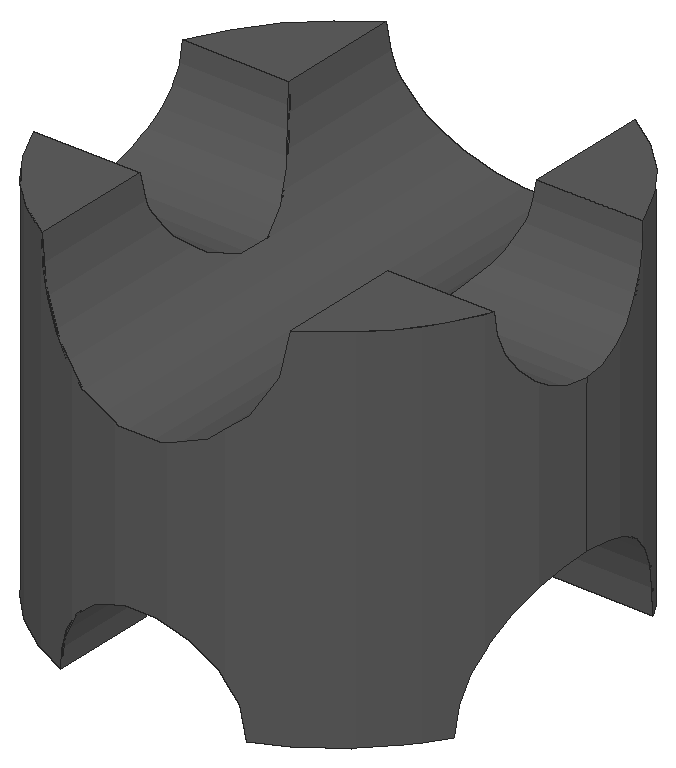
Revit family "101010004202804", category Modelos genéricos, Revit 2019
Family settings
  Puede alojar armadura = No
  Cota de conector redondo = Diámetro de uso
  Tipo de pieza = Normal
  Se basa en plano de trabajo = No
  Siempre vertical = No
  Corte con vacíos al cargar = No
  Compartido = No
  Punto de cálculo de habitación = No
Parameters (values of type "SEPARADOR MOLDAJE T MUELA BOLSA 1.000UN")
  Ventajas = "Fácil de instalar, permite dos posiciones en una pieza, ayuda a mantener los espesores de hormigón según cálculo, se eliminan gran cantidad de fisuras que se producen por un irregular trabajo del hormigón /acero."
  Uso = "Para distanciar una barra o malla, del encofrado o fenólico. Para fierros de 12 a 20mm. Con recubrimientos de 12, 15, 17 y 20mm."
  Unidad = "Bolsa 1000 Un."
  URL = "https://www.empresascnp.cl/"
  Num SKUs = "101010004202804"
  Nombre SKU = "SEPARADOR MOLDAJE T MUELA BOLSA 1.000UN"
  Modelo = "SEPARADOR MOLDAJE T MUELA"
  Material = PEAD
  Url Ficha tecnica = "https://empresascnp.cl/wp-content/uploads//pdf/ficha-tecnica-separador-moldaje-t-muela-bolsa-1-000un.pdf"
  Espesor = 0.00 mm
  Empresa = "CNP SPA."
  Dureza = ""
  Dimension = 20.00 mm
  Descripción = "Se usa para distanciar una barra o malla, del encofrado o fenólico."
  Contacto = "info@empresascnp.cl"
  Color = "Negro"
  Aplicacion = "Se aplican en forma horizontal sobre el encofrado o placa fenólica dejando reposar la barra sobre esta. (4 Un. x m2 Aprox.)"
Reference planes
  plane 1 "Center F/B": y = 0
  plane 2: z = 0
  plane 3 "Center L/R": x = 0
  plane 4 "2": x = -7.5
  plane 5 "3": x = 7.5
  plane 6 "4": x = -10
  plane 7 "5": x = 10
  plane 8 "6": y = 7.5
  plane 9 "7": y = -7.5
  plane 10 "8": y = 10
  plane 11 "9": y = -10
  plane 12: z = 25
  plane 13: z = 12.5
Forms (mm)
  Extrusion 1, solid, material "PEAD" <- "Material"
    sketch origin (0, 0, 0) x (1, 0, 0) y (0, 1, 0)
      loop
        circle (0, 0) r 20
    from 0 to 30
  Extrusion 2, void
    sketch origin (0, 0, 5) x (1, 0, 0) y (0, 0, 1)
      loop
        line (10, 25) -> (10, 28.141) -> (-10, 28.141) -> (-10, 25)
        arc (-10, 25) -> (0, 15) -> (10, 25) r 10
    from -40.291 to 31.424
  Extrusion 3, void
    sketch origin (0, 0, 5) x (0, -1, 0) y (0, 0, 1)
      loop
        line (7.5, 25) -> (7.5, 28.141) -> (-7.5, 28.141) -> (-7.5, 25)
        arc (-7.5, 25) -> (0, 17.5) -> (7.5, 25) r 7.5
    from -40.291 to 31.424
  Extrusion 4, void
    sketch origin (0, 0, 25) x (0, -1, 0) y (0, 0, 1)
      loop
        arc (10, -25) -> (0, -15) -> (-10, -25) r 10
        line (-10, -25) -> (-10, -28.141) -> (10, -28.141) -> (10, -25)
    from -40.291 to 31.424
  Extrusion 5, void
    sketch origin (0, 0, 25) x (-1, 0, 0) y (0, 0, 1)
      loop
        arc (7.5, -25) -> (0, -17.5) -> (-7.5, -25) r 7.5
        line (-7.5, -25) -> (-7.5, -28.141) -> (7.5, -28.141) -> (7.5, -25)
    from -40.291 to 31.424
Cuts and joins
  Extrusion 2, Extrusion 3, Extrusion 4, Extrusion 5 cuts Extrusion 1
